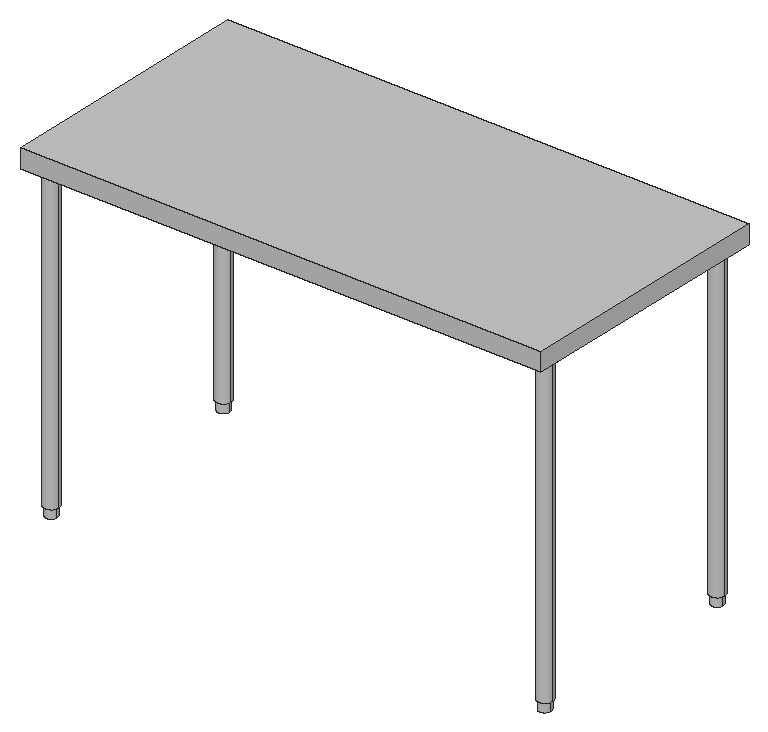
Revit family "QF_ELECTROLUXPROFESSIONAL_133050_TG1400EN", category Attrezzature speciali, Revit 2020
Family settings
  Quota connettore circolare = Usa diametro
  Tipo di parte = Normale
  Basato su piano di lavoro = No
  Sempre verticale = Sì
  Taglio con vuoti quando caricato = No
  Condiviso = No
  Punto di calcolo locali = No
Parameters (values of type "Standard")
  Weight = 45.00 kg
  Watts = 0 W
  Volts = 0 V
  URL Manufacturer = "https://www.electroluxprofessional.com/"
  URL = "https://www.electroluxprofessional.com/"
  Steam Supply Size = 0 mm
  Steam Supply Minimum Pressure = 0.0 Pa
  Steam Supply Maximum Pressure = 0.0 Pa
  Steam Consumption per Hour = 0
  Refrigeration Suction Line Size = 0.0 mm
  Refrigeration Liquid Line Size = 0.0 mm
  Refrigerant Compressor Remote = yes
  Prospetto di default = 0.0 mm
  Produttore = "Electrolux Professional"
  Phase = 0
  Modello = "TG1400EN"
  Length Actual = 1400.0 mm  # constant formula
  Item Number = "133050"
  Hot Water Size = 0 mm
  Height Actual = 900.0 mm  # constant formula
  HP = "0 HP"
  Gas Size = 0 mm
  Gas KW = 0
  Gas Input Pressure = 0 W
  Direct Waste Size = 0 mm
  Descrizione = "WORK TABLE 1400 MM"
  Depth Actual = 700.0 mm  # constant formula
  Cycle = 0 Hz
  Condensate Return Size = 0 mm
  Compressed Air Volume = 0.0 L/s
  Compressed Air Size = 0 mm
  Compressed Air Pressure = 0.0 Pa
  Cold Water Size = 0 mm
  Accessory = yes
Reference planes
  plane 1 "Center (Front/Back)": y = 0
  plane 2: z = 0
  plane 3 "Center (Left/Right)": x = -200
  plane 4 "LEFT": x = -900
  plane 5 "RIGHT": x = 500
  plane 6 "BACK": y = 350
  plane 7 "FRONT": y = -350
  plane 8 "Base": z = 850
  plane 9 "TOP": z = 900
  plane 10: x = -864.5
  plane 11: x = 464.5
  plane 12: y = 290
  plane 13: y = -290
Forms (mm)
  Extrusion 1, solid, material "QF_Finishes_Stainless Steel"
    sketch origin (-200, 0, 0) x (0, 1, 0) y (0, 0, 1)
      loop
        line (-350, 850) -> (350, 850) -> (350, 900) -> (-350, 900) -> (-350, 850)
    from 700 to -700
Lines and regions (mm)
  symbolic lines
    curve 1: line (500, 350, 900) -> (-900, 350, 900)
    curve 2: line (-900, 350, 900) -> (-900, -350, 900)
    curve 3: line (-900, -350, 900) -> (500, -350, 900)
    curve 4: line (500, -350, 900) -> (500, 350, 900)
Dimensions and locks
  plane 4 "LEFT" to plane 5 "RIGHT" = 1400.0 mm
  equal spacing: plane 4 "LEFT", plane 3 "Center (Left/Right)", plane 5 "RIGHT"
  locked: plane 8 "Base" to level at 850
  plane 4 "LEFT" to plane 10 = 35.5 mm
  plane 11 to plane 5 "RIGHT" = 35.5 mm
  plane 10 to plane 11 = 1329.0 mm
  locked: plane 9 "TOP" to level at 900
  plane 6 "BACK" to plane 12 = 60.0 mm
  plane 13 to plane 7 "FRONT" = 60.0 mm
  plane 6 "BACK" to plane 7 "FRONT" = 700.0 mm
  plane 12 to plane 13 = 580.0 mm
  equal spacing: plane 6 "BACK", plane 1 "Center (Front/Back)", plane 7 "FRONT"
  aligned and locked: level to plane 2
  aligned and locked: plane 10 to nested 1
  aligned and locked: nested 1 to plane 13
  aligned and locked: plane 11 to nested 2
  aligned and locked: nested 2 to plane 13
  aligned and locked: plane 11 to nested 4
  aligned and locked: nested 4 to plane 12
  aligned and locked: plane 10 to nested 3
  aligned and locked: nested 3 to plane 12
  aligned and locked: Extrusion 1 to plane 4 "LEFT"
  aligned and locked: plane 5 "RIGHT" to Extrusion 1
  aligned and locked: curve 2 to plane 4 "LEFT"
Automatic sketch dimensions
  Extrusion 1 sketch curve to plane 7 "FRONT" = 0.0 mm
  Extrusion 1 sketch curve to plane 8 "Base" = 0.0 mm
  curve 3 to plane 7 "FRONT" = 0.0 mm
  curve 4 to plane 6 "BACK" = 0.0 mm
  Extrusion 1 sketch curve to plane 9 "TOP" = 0.0 mm
  Extrusion 1 sketch curve to plane 6 "BACK" = 0.0 mm
  curve 4 to plane 5 "RIGHT" = 0.0 mm
Nested families
  nested 1: "FEET_D40" at (-864.5, -290, 0), type "FEET_D40"
  nested 2: "FEET_D40" at (464.5, -290, 0), type "FEET_D40"
  nested 3: "FEET_D40" at (-864.5, 290, 0), type "FEET_D40"
  nested 4: "FEET_D40" at (464.5, 290, 0), type "FEET_D40"
Definition of nested family "FEET_D40"
  Parameters
    Default Elevation = 0.0 mm
    FEET = 850.0 mm
  Reference planes
    plane 1 "Center (Front/Back)": y = 0
    plane 2: z = 0
    plane 3 "Center (Left/Right)": x = 0
    plane 4: z = 850
  Forms (mm)
    Extrusion 1, solid
      sketch origin (0, 0, 0) x (1, 0, 0) y (0, 1, 0)
        loop
          circle (0, 0.002) r 20
      from 25 to 845
    Extrusion 2, solid
      sketch origin (0, 0, 0) x (1, 0, 0) y (0, 1, 0)
        loop
          circle (0, 0) r 16
      from 0 to 25
    Extrusion 3, solid
      sketch origin (0, 0, 0) x (1, 0, 0) y (0, 1, 0)
        loop
          circle (0, 0.002) r 30
      from 845 to 850
  Lines and regions (mm)
    symbolic lines
      curve 1: line (0, -1.503, 0) -> (0, 1.508, 0)
      curve 2: line (1.561, 0, 0) -> (-1.439, 0, 0)
  Dimensions and locks
    "FEET": plane 4 to plane 2
    aligned and locked: level to plane 2
  Automatic sketch dimensions
    plane 1 "Center (Front/Back)" to Extrusion 2 sketch curve = 0.0 mm
    Extrusion 2 sketch curve to plane 3 "Center (Left/Right)" = 0.0 mm
    plane 1 "Center (Front/Back)" to curve 2 = 0.0 mm
    curve 1 to plane 3 "Center (Left/Right)" = 0.0 mm
    curve 2 to plane 3 "Center (Left/Right)" = 1.439 mm
    plane 3 "Center (Left/Right)" to curve 2 = 1.561 mm
    plane 1 "Center (Front/Back)" to curve 1 = 1.503 mm
    curve 1 to plane 1 "Center (Front/Back)" = 1.508 mm
    Extrusion 1 sketch curve to plane 3 "Center (Left/Right)" = 0.0 mm
    Extrusion 1 sketch curve to plane 1 "Center (Front/Back)" = 0.002 mm
    Extrusion 3 sketch curve to plane 3 "Center (Left/Right)" = 0.0 mm
    Extrusion 3 sketch curve to plane 1 "Center (Front/Back)" = 0.002 mm
    radius of Extrusion 2 sketch curve = 16.0 mm
    radius of Extrusion 1 sketch curve = 20.0 mm
    radius of Extrusion 3 sketch curve = 30.0 mm
